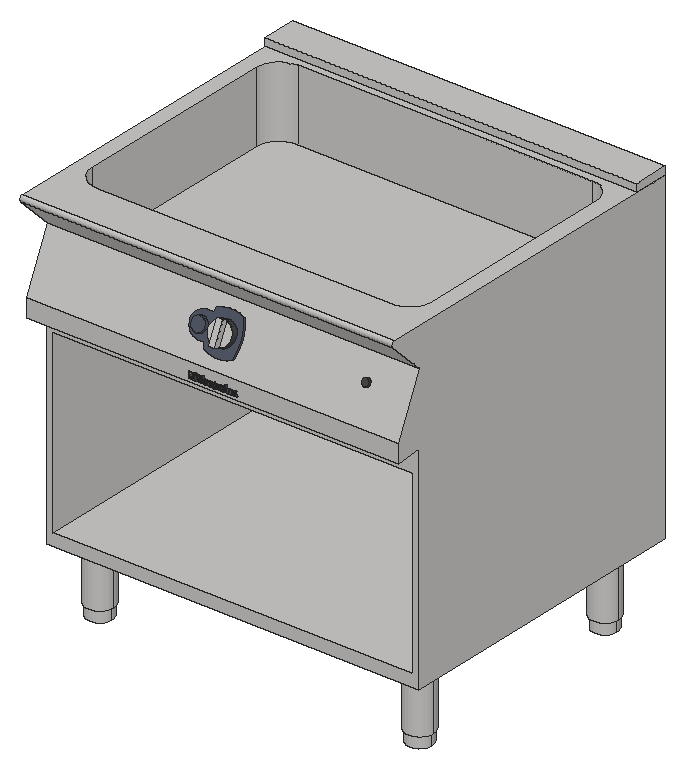
Revit family "QF_ELECTROLUXPROFESSIONAL_371106_E7MFGHDI00", category Specialty Equipment, Revit 2018
Family settings
  Round Connector Dimension = Use Diameter
  Part Type = Normal
  Work Plane-Based = No
  Always vertical = Yes
  Cut with Voids When Loaded = No
  Shared = No
  Room Calculation Point = No
Parameters
  Width = 800 mm  # constant formula
  Weight in Pounds = 176  # constant formula
  Watts = 0 W
  Waste Water Discharge Temperature [instance] = -459.67 °F
  URL Cutsheet = "www.electrolux.com/foodservice"
  URL = "www.electrolux.com/foodservice"
  Type Mark [instance] = ""
  Status [instance] = ""
  Specification by User [instance] = ""
  Specification by Manufacturer = ""
  Show Logo [instance] = yes
  Show Clearance [instance] = yes
  Serial Number = ""
  Seismic Rating = ""
  SMACNA No = ""
  Revision Code [instance] = ""
  Plumbing Remarks [instance] = ""
  Plumbing Connection Type [instance] = ""
  Omniclass Number and Title = ""
  NAFEM Spec ID Number = ""
  Model = "371106"
  Mechanical Remarks [instance] = ""
  Mechanical Connection Type [instance] = ""
  Masterspec = ""
  Manufacturer = "ELECTROLUX"
  Item Number [instance] = ""
  Installed By [instance] = ""
  Indirect Waste Size = 0"
  Indirect Waste Flow [instance] = 0 GPM
  Indirect Waste Connection Type [instance] = ""
  Indirect Waste Connection Height = 0 mm
  Identify Quantity as Lot [instance] = yes
  Height = 333 mm  # constant formula
  HP = "0 HP"
  Gas Size = 12.7 mm  # 1/2"
  Gas RI Height [instance] = 0 mm
  Gas KW [instance] = 14  # constant formula
  Gas Input [instance] = 13987.1 VA  # 47726.0 Btu/h
  Gas Connection Height = 0 mm
  Furnished By [instance] = ""
  Foodservice Equipment Identifier [instance] = yes
  Direct Waste Size = 0"
  Description = "700XP Gas Multifunctional Cooker 22 Lt. - with Compound Bottom"
  Depth = 730 mm  # constant formula
  CSI MasterFormat = ""
  CSI Master Format = ""
  Base Height [instance] = 150 mm  # constant formula
Reference planes
  plane 1 "BACK": y = 0
  plane 2: z = 0
  plane 3 "LEFT": x = 0
  plane 4 "RIGHT": x = 800
  plane 5 "FRONT": y = -730
  plane 6 "TOP": z = 905.238
  plane 7 "Center Y": x = 400
  plane 8 "Center X": y = -365
  plane 9 "BASE": z = 601
  plane 10 "TOP A": z = 850.238
  plane 11: y = -597.884
  plane 12: y = -147.637
  plane 13: z = 942.313
  plane 14: z = 150
Forms (mm)
  Extrusion 1, solid, material "QF_Finishes_Stainless Steel"
    sketch origin (0, 0, 0) x (0, 1, 0) y (0, 0, 1)
      loop
        line (0, 850.237) -> (-725.027, 850.237)
        arc (-725.027, 850.237) -> (-730.893, 846.318) -> (-729.517, 839.397) r 6.35
        line (-729.517, 839.397) -> (-657.416, 767.047) -> (-713.522, 646.19) -> (-713.522, 608.09) -> (-660.4, 613.7) -> (-660.4, 150) -> (0, 150) -> (0, 850.237)
      loop
        line (0, 867.992) -> (-75, 867.992) -> (-75, 851.837) -> (0, 851.837) -> (0, 867.992)
    from 0 to 800
  Extrusion 2, void
    sketch origin (0, 0, 850.238) x (-1, 0, 0) y (0, -1, 0)
      loop
        line (-716.662, 90.124) -> (-83.338, 90.124)
        arc (-83.338, 90.124) -> (-47.982, 104.769) -> (-33.338, 140.124) r 50
        line (-33.338, 140.124) -> (-33.338, 580.25)
        arc (-33.338, 580.25) -> (-47.982, 615.605) -> (-83.338, 630.25) r 50
        line (-83.338, 630.25) -> (-716.662, 630.25)
        arc (-716.662, 630.25) -> (-752.018, 615.605) -> (-766.662, 580.25) r 50
        line (-766.662, 580.25) -> (-766.662, 140.124)
        arc (-766.662, 140.124) -> (-752.018, 104.769) -> (-716.662, 90.124) r 50
    from 0 to -152.4
  Extrusion 3, solid, material "QF_Finishes_Clearance", visible <- "Show Clearance", detail levels coarse
    sketch origin (0, 0, 0) x (1, 0, 0) y (0, 1, 0)
      loop
        line (0, -731.377) -> (0, 0) -> (800, 0) -> (800, -731.377) -> (950.019, -731.377) -> (950.019, 150.019) -> (-150.019, 150.019) -> (-150.019, -731.377) -> (0, -731.377)
    from 0 to 905.237
  Revolve 4, solid, material "QF_Finishes_Stainless Steel"
    sketch origin (0, -587.387, 608.09) x (0, 0, 1) y (-1, 0, 0)
      loop
        line (-608.09, -56) -> (-458.09, -56) -> (-458.09, -26) -> (-583.09, -26) -> (-583.09, -29.75) -> (-608.09, -29.75) -> (-608.09, -56)
      axis (-608.09, -56) -> (-458.09, -56)
    angle from 0 to 360
  Revolve 5, solid, material "QF_Finishes_Stainless Steel"
    sketch origin (0, -90, 608.09) x (0, 0, 1) y (-1, 0, 0)
      loop
        line (-608.09, -56) -> (-458.09, -56) -> (-458.09, -26) -> (-583.09, -26) -> (-583.09, -29.75) -> (-608.09, -29.75) -> (-608.09, -56)
      axis (-608.09, -56) -> (-458.09, -56)
    angle from 0 to 360
  Revolve 6, solid, material "QF_Finishes_Stainless Steel"
    sketch origin (800.1, -587.387, 608.09) x (0, 0, 1) y (-1, 0, 0)
      loop
        line (-608.09, 56.1) -> (-608.09, 29.85) -> (-583.09, 29.85) -> (-583.09, 26.1) -> (-458.09, 26.1) -> (-458.09, 56.1) -> (-608.09, 56.1)
      axis (-608.09, 56.1) -> (-458.09, 56.1)
    angle from 0 to 360
  Revolve 7, solid, material "QF_Finishes_Stainless Steel"
    sketch origin (800.1, -90, 608.09) x (0, 0, 1) y (-1, 0, 0)
      loop
        line (-608.09, 56.1) -> (-608.09, 29.85) -> (-583.09, 29.85) -> (-583.09, 26.1) -> (-458.09, 26.1) -> (-458.09, 56.1) -> (-608.09, 56.1)
      axis (-608.09, 56.1) -> (-458.09, 56.1)
    angle from 0 to 360
  Extrusion 8, solid, material "QF_Finishes_Stainless Steel"
    sketch origin (-77.88, -4572, 601) x (-1, 0, 0) y (0, -1, 0)
      loop
        circle (-368.88, -4015) r 12.7
    from 0 to -12.7
  Extrusion 9, void
    sketch origin (0, -660.4, 601) x (0, 0, -1) y (-1, 0, 0)
      loop
        line (425.6, -12.7) -> (38.1, -12.7) -> (38.1, -787.3) -> (425.6, -787.3) -> (425.6, -12.7)
    from 0 to 570.276
  Extrusion 10, solid, material "QF_Finishes_Stainless Steel"
    sketch origin (-77.88, -4572, 150) x (-1, 0, 0) y (0, -1, 0)
      loop
        circle (-826.88, -4066) r 6.35
    from 0 to -12.7
  Extrusion 11, solid, material "QF_Finishes_Stainless Steel"
    sketch origin (0, 0, 850.238) x (-1, 0, 0) y (0, -1, 0)
      loop
        circle (-748.798, 506) r 10
    from -674.837 to -287.337
  Extrusion 12, solid, material "QF_Finishes_Black"
    sketch origin (610.668, -727.406, 616.951) x (0, 0.422618, 0.906308) y (-1, 0, 0)
      loop
        circle (110.564, -93.791) r 8
    from 0 to 3.175
  Extrusion 13, solid, material "QF_Finishes_Navy Blue"
    sketch origin (243.168, -714.125, 645.434) x (0, 0.422618, 0.906308) y (-1, 0, 0)
      loop
        arc (105.947, -132.617) -> (100.966, -130.409) -> (95.863, -128.501) r 91.844
        line (95.863, -128.501) -> (95.863, -113.213)
        arc (95.863, -113.213) -> (69.246, -86.596) -> (42.629, -113.213) r 26.617
        line (42.629, -113.213) -> (42.629, -126.69)
        arc (42.629, -126.69) -> (36.919, -128.411) -> (31.333, -130.498) r 91.844
        arc (31.333, -130.498) -> (24.206, -161.14) -> (31.333, -191.783) r 69.441
        arc (31.333, -191.783) -> (68.854, -198.494) -> (105.947, -189.715) r 93.759
        arc (105.947, -189.715) -> (112.176, -161.166) -> (105.947, -132.617) r 68.543
    from 0 to 3.175
  Extrusion 14, solid, material "QF_Finishes_Stainless Steel"
    sketch origin (243.168, -717.002, 646.775) x (0, 0.422618, 0.906308) y (-1, 0, 0)
      loop
        circle (68.826, -160.963) r 25.4
    from 0 to 12.7
  Extrusion 15, solid, material "QF_Finishes_Stainless Steel"
    sketch origin (243.168, -728.513, 652.143) x (0, 0.422618, 0.906308) y (-1, 0, 0)
      loop
        arc (93.558, -166.749) -> (94.226, -160.963) -> (93.558, -155.177) r 25.4
        line (93.558, -155.177) -> (44.094, -155.177)
        arc (44.094, -155.177) -> (43.426, -160.963) -> (44.094, -166.749) r 25.4
        line (44.094, -166.749) -> (93.558, -166.749)
    from 0 to 12.7
  Extrusion 16, solid, material "QF_Finishes_Navy Blue"
    sketch origin (198.168, -717.002, 646.775) x (0, 0.422618, 0.906308) y (-1, 0, 0)
      loop
        circle (68.826, -154.713) r 15
    from 0 to 6.4
  Extrusion 17, solid, material "QF_Finishes_Navy Blue", visible <- "Show Logo"
    sketch origin (60.791, -713.772, 608.09) x (0, 0, 1) y (-1, 0, 0)
      loop
        line (20.674, -296.698) -> (8.307, -296.698)
        arc (8.307, -296.698) -> (14.491, -301.27) -> (20.674, -296.698) r 6.467
      loop
        arc (20.674, -296.069) -> (19.505, -290.926) -> (14.849, -288.448) r 6.338
        line (14.849, -288.448) -> (14.849, -290.494)
        arc (14.849, -290.494) -> (16.333, -294.149) -> (19.778, -296.069) r 5.941
        line (19.778, -296.069) -> (20.674, -296.069)
      loop
        arc (9.203, -296.069) -> (12.648, -294.149) -> (14.132, -290.494) r 5.941
        line (14.132, -290.494) -> (14.132, -288.448)
        arc (14.132, -288.448) -> (9.438, -290.922) -> (8.148, -296.069) r 6.504
        line (8.148, -296.069) -> (9.203, -296.069)
      loop
        line (21.349, -287.979) -> (7.604, -287.979) -> (7.604, -301.742) -> (21.349, -301.742) -> (21.349, -287.979)
      loop
        arc (21.432, -304.71) -> (21.085, -304.352) -> (20.718, -304.69) r 0.358
        arc (20.718, -304.69) -> (20.404, -305.44) -> (19.687, -305.825) r 1.216
        line (19.687, -305.825) -> (9.274, -305.825)
        arc (9.274, -305.825) -> (8.614, -305.548) -> (8.218, -304.951) r 1.238
        arc (8.218, -304.951) -> (7.823, -304.7) -> (7.518, -305.054) r 0.358
        line (7.518, -305.054) -> (7.518, -314.933) -> (10.269, -314.933) -> (10.269, -314.036)
        arc (10.269, -314.036) -> (9.36, -313.456) -> (8.904, -312.479) r 1.928
        line (8.904, -312.479) -> (8.904, -309.98)
        arc (8.904, -309.98) -> (9.18, -309.251) -> (9.868, -308.887) r 1.101
        line (9.868, -308.887) -> (13.955, -308.887) -> (13.955, -312.561)
        arc (13.955, -312.561) -> (13.602, -313.058) -> (13.037, -313.286) r 1.083
        arc (13.037, -313.286) -> (12.773, -313.591) -> (13.065, -313.869) r 0.292
        line (13.065, -313.869) -> (16.028, -313.869)
        arc (16.028, -313.869) -> (16.33, -313.596) -> (16.092, -313.266) r 0.305
        arc (16.092, -313.266) -> (15.601, -313.018) -> (15.296, -312.561) r 1.083
        line (15.296, -312.561) -> (15.296, -308.887) -> (19.973, -308.887) -> (19.973, -312.635)
        arc (19.973, -312.635) -> (19.759, -313.39) -> (19.153, -313.888) r 1.314
        arc (19.153, -313.888) -> (18.934, -314.292) -> (19.288, -314.585) r 0.361
        line (19.288, -314.585) -> (21.432, -314.585) -> (21.432, -304.71)
      loop
        arc (20.715, -315.365) -> (20.335, -316.284) -> (19.416, -316.664) r 1.299
        line (19.416, -316.664) -> (9.837, -316.664)
        arc (9.837, -316.664) -> (8.999, -316.286) -> (8.728, -315.408) r 1.118
        line (8.728, -315.408) -> (7.518, -315.408) -> (7.518, -320.758) -> (8.706, -320.758)
        arc (8.706, -320.758) -> (8.978, -319.841) -> (9.848, -319.445) r 1.153
        line (9.848, -319.445) -> (21.92, -319.445) -> (20.715, -315.365)
      loop
        line (12.483, -323.394) -> (12.483, -329.842) -> (13.282, -329.842)
        arc (13.282, -329.842) -> (15.862, -328.857) -> (17.131, -326.404) r 3.874
        line (17.131, -326.404) -> (17.131, -324.643)
        arc (17.131, -324.643) -> (15.944, -321.778) -> (13.08, -320.592) r 4.051
        line (13.08, -320.592) -> (11.072, -320.592)
        arc (11.072, -320.592) -> (8.253, -322.077) -> (7.202, -325.084) r 4.352
        arc (7.202, -325.084) -> (7.566, -327.547) -> (8.943, -329.621) r 5.713
        line (8.943, -329.621) -> (9.892, -329.621)
        arc (9.892, -329.621) -> (9.16, -328.052) -> (8.943, -326.334) r 5.579
        arc (8.943, -326.334) -> (9.737, -324.371) -> (11.616, -323.394) r 3.057
        line (11.616, -323.394) -> (12.483, -323.394)
      loop
        line (13.742, -323.394) -> (13.742, -326.977)
        arc (13.742, -326.977) -> (15.199, -327.024) -> (16.082, -325.864) r 1.59
        line (16.082, -325.864) -> (16.082, -325.034)
        arc (16.082, -325.034) -> (15.217, -323.779) -> (13.742, -323.394) r 2.184
      loop
        arc (16.533, -339.259) -> (17.022, -337.585) -> (17.179, -335.848) r 9.023
        line (17.179, -335.848) -> (17.179, -334.486)
        arc (17.179, -334.486) -> (16.02, -331.686) -> (13.22, -330.527) r 3.959
        line (13.22, -330.527) -> (10.62, -330.527)
        arc (10.62, -330.527) -> (8.338, -331.819) -> (7.221, -334.192) r 4.331
        line (7.221, -334.192) -> (7.221, -336.327)
        arc (7.221, -336.327) -> (7.729, -337.877) -> (8.651, -339.223) r 5.772
        arc (8.651, -339.223) -> (9.412, -339.274) -> (9.499, -338.515) r 0.553
        arc (9.499, -338.515) -> (9.111, -337.781) -> (8.977, -336.962) r 2.573
        line (8.977, -336.962) -> (8.977, -335.447)
        arc (8.977, -335.447) -> (9.983, -333.806) -> (11.798, -333.163) r 2.884
        line (11.798, -333.163) -> (13.077, -333.163)
        arc (13.077, -333.163) -> (14.898, -333.723) -> (15.824, -335.388) r 2.554
        line (15.824, -335.388) -> (15.824, -336.441)
        arc (15.824, -336.441) -> (15.493, -337.369) -> (14.836, -338.104) r 2.564
        arc (14.836, -338.104) -> (14.614, -338.821) -> (15.223, -339.259) r 0.643
        line (15.223, -339.259) -> (16.533, -339.259)
      loop
        line (15.515, -339.53) -> (15.515, -341.031) -> (9.467, -341.031)
        arc (9.467, -341.031) -> (7.879, -341.688) -> (7.221, -343.276) r 2.246
        line (7.221, -343.276) -> (7.221, -344.86)
        arc (7.221, -344.86) -> (7.535, -345.725) -> (8.035, -346.496) r 4.06
        arc (8.035, -346.496) -> (8.768, -346.629) -> (9.019, -345.928) r 0.576
        arc (9.019, -345.928) -> (8.913, -345.403) -> (8.977, -344.87) r 1.69
        arc (8.977, -344.87) -> (9.519, -344.082) -> (10.425, -343.779) r 1.506
        line (10.425, -343.779) -> (15.563, -343.779) -> (15.563, -346.176) -> (16.119, -346.733) -> (16.941, -346.733) -> (16.941, -343.873) -> (20.172, -343.873) -> (15.515, -339.53)
      loop
        line (7.438, -347.63) -> (7.438, -353.017) -> (8.548, -353.017)
        arc (8.548, -353.017) -> (8.942, -352.066) -> (9.893, -351.672) r 1.345
        line (9.893, -351.672) -> (13.509, -351.672)
        arc (13.509, -351.672) -> (14.274, -352.264) -> (14.564, -353.186) r 1.615
        line (14.564, -353.186) -> (14.564, -354.742) -> (17.119, -355.427) -> (17.119, -354.044) -> (15.177, -351.485) -> (17.057, -351.485) -> (16.773, -348.779)
        arc (16.773, -348.779) -> (16.333, -348.249) -> (15.674, -348.45) r 0.621
        arc (15.674, -348.45) -> (15.274, -348.792) -> (14.78, -348.975) r 1.501
        line (14.78, -348.975) -> (9.893, -348.975)
        arc (9.893, -348.975) -> (8.942, -348.581) -> (8.548, -347.63) r 1.345
        line (8.548, -347.63) -> (7.438, -347.63)
      loop
        line (13.54, -354.964) -> (10.848, -354.964)
        arc (10.848, -354.964) -> (8.403, -356.272) -> (7.269, -358.803) r 4.288
        arc (7.269, -358.803) -> (7.205, -360.183) -> (7.269, -361.563) r 15.022
        arc (7.269, -361.563) -> (8.403, -364.094) -> (10.848, -365.401) r 4.288
        line (10.848, -365.401) -> (13.54, -365.401)
        arc (13.54, -365.401) -> (15.986, -364.094) -> (17.119, -361.563) r 4.288
        arc (17.119, -361.563) -> (17.183, -360.183) -> (17.119, -358.803) r 15.022
        arc (17.119, -358.803) -> (15.986, -356.272) -> (13.54, -354.964) r 4.288
      loop
        line (13.745, -358.078) -> (10.643, -358.078)
        arc (10.643, -358.078) -> (8.486, -360.235) -> (10.643, -362.392) r 2.157
        line (10.643, -362.392) -> (13.745, -362.392)
        arc (13.745, -362.392) -> (15.902, -360.235) -> (13.745, -358.078) r 2.157
      loop
        arc (20.726, -365.26) -> (20.355, -366.154) -> (19.461, -366.524) r 1.264
        line (19.461, -366.524) -> (9.597, -366.524)
        arc (9.597, -366.524) -> (8.727, -366.127) -> (8.455, -365.211) r 1.153
        line (8.455, -365.211) -> (7.518, -365.211) -> (7.518, -370.319) -> (8.446, -370.319)
        arc (8.446, -370.319) -> (8.805, -369.547) -> (9.597, -369.232) r 1.153
        line (9.597, -369.232) -> (21.92, -369.232) -> (20.726, -365.26)
      loop
        arc (15.846, -369.857) -> (15.647, -370.921) -> (14.678, -371.403) r 1.215
        line (14.678, -371.403) -> (9.658, -371.403)
        arc (9.658, -371.403) -> (8.043, -372.051) -> (7.322, -373.634) r 2.338
        line (7.322, -373.634) -> (7.322, -375.148)
        arc (7.322, -375.148) -> (7.497, -376.152) -> (7.999, -377.038) r 2.979
        line (7.999, -377.038) -> (7.518, -378.835) -> (7.518, -380.524) -> (16.943, -380.524) -> (16.649, -376.32) -> (15.863, -376.32)
        arc (15.863, -376.32) -> (15.507, -377.156) -> (14.755, -377.665) r 1.605
        line (14.755, -377.665) -> (9.652, -377.665)
        arc (9.652, -377.665) -> (9.232, -376.728) -> (9.159, -375.704) r 2.94
        arc (9.159, -375.704) -> (9.72, -374.603) -> (10.873, -374.16) r 1.724
        line (10.873, -374.16) -> (17.07, -374.16) -> (15.846, -369.857)
      loop
        line (16.874, -381.377) -> (15.202, -383.423) -> (12.028, -385.729) -> (8.572, -382.617)
        arc (8.572, -382.617) -> (8.335, -382.223) -> (8.357, -381.764) r 0.789
        line (8.357, -381.764) -> (7.518, -381.764) -> (7.518, -385.309) -> (8.344, -385.309)
        arc (8.344, -385.309) -> (8.686, -384.947) -> (9.176, -385.039) r 0.52
        line (9.176, -385.039) -> (10.976, -386.51) -> (8.858, -387.886)
        arc (8.858, -387.886) -> (8.457, -387.576) -> (8.37, -387.076) r 0.7
        line (8.37, -387.076) -> (7.518, -387.076) -> (7.518, -393.003) -> (8.405, -393.003)
        arc (8.405, -393.003) -> (8.472, -392.344) -> (8.866, -391.813) r 1.247
        line (8.866, -391.813) -> (13.066, -388.532) -> (15.513, -390.585) -> (16.874, -392.327) -> (16.874, -388.604) -> (15.389, -389.026) -> (13.868, -387.749) -> (15.568, -386.559) -> (16.874, -387.336) -> (16.874, -381.377)
    from 0 to 1.644
Cuts and joins
  Extrusion 2, Extrusion 9 cuts Extrusion 1
  Extrusion 9 cuts Extrusion 3
Lines and regions (mm)
  symbolic lines, style "QF-Clearances", visible <- "Show Clearance", detail levels coarse
    curve 1: line (-150.019, 150.019, 850.238) -> (-150.019, -731.377, 850.238)
    curve 2: line (950.019, 150.019, 850.237) -> (-150.019, 150.019, 850.238)
    curve 3: line (950.019, -731.377, 850.237) -> (950.019, 150.019, 850.237)
  symbolic lines
    curve 4: line (0, 0, 850.238) -> (800, 0, 850.237)
    curve 5: line (0, -730, 850.238) -> (0, 0, 850.238)
    curve 6: line (800, -730, 850.237) -> (0, -730, 850.238)
    curve 7: line (800, 0, 850.237) -> (800, -730, 850.237)
    curve 8: line (22.699, -6.761, 850.238) -> (22.699, -63.911, 850.238)
    curve 9: line (13.403, -63.911, 850.238) -> (13.403, -6.761, 850.238)
    curve 10: line (13.403, -6.761, 850.238) -> (22.699, -6.761, 850.238)
    curve 11: line (0, -69.85, 850.238) -> (398.413, -69.85, 850.237)
    curve 12: line (384.649, -6.761, 850.237) -> (384.649, -63.911, 850.237)
    curve 13: line (375.353, -63.911, 850.237) -> (375.353, -6.761, 850.237)
    curve 14: line (375.353, -6.761, 850.237) -> (384.649, -6.761, 850.237)
    curve 15: line (50.541, -6.761, 850.238) -> (50.541, -63.911, 850.238)
    curve 16: line (41.245, -63.911, 850.238) -> (41.245, -6.761, 850.238)
    curve 17: line (41.245, -6.761, 850.238) -> (50.541, -6.761, 850.238)
    curve 18: line (78.383, -6.761, 850.238) -> (78.383, -63.911, 850.238)
    curve 19: line (69.087, -63.911, 850.238) -> (69.087, -6.761, 850.238)
    curve 20: line (69.087, -6.761, 850.238) -> (78.383, -6.761, 850.238)
    curve 21: line (106.225, -6.761, 850.237) -> (106.225, -63.911, 850.237)
    curve 22: line (96.93, -63.911, 850.238) -> (96.93, -6.761, 850.238)
    curve 23: line (96.93, -6.761, 850.238) -> (106.225, -6.761, 850.237)
    curve 24: line (134.068, -6.761, 850.237) -> (134.068, -63.911, 850.237)
    curve 25: line (124.772, -63.911, 850.237) -> (124.772, -6.761, 850.237)
    curve 26: line (124.772, -6.761, 850.237) -> (134.068, -6.761, 850.237)
    curve 27: line (161.91, -6.761, 850.237) -> (161.91, -63.911, 850.237)
    curve 28: line (152.614, -63.911, 850.237) -> (152.614, -6.761, 850.237)
    curve 29: line (152.614, -6.761, 850.237) -> (161.91, -6.761, 850.237)
    curve 30: line (189.752, -6.761, 850.237) -> (189.752, -63.911, 850.237)
    curve 31: line (180.457, -63.911, 850.237) -> (180.457, -6.761, 850.237)
    curve 32: line (180.457, -6.761, 850.237) -> (189.752, -6.761, 850.237)
    curve 33: line (217.595, -6.761, 850.237) -> (217.595, -63.911, 850.237)
    curve 34: line (208.299, -63.911, 850.237) -> (208.299, -6.761, 850.237)
    curve 35: line (208.299, -6.761, 850.237) -> (217.595, -6.761, 850.237)
    curve 36: line (245.437, -6.761, 850.237) -> (245.437, -63.911, 850.237)
    curve 37: line (236.141, -63.911, 850.237) -> (236.141, -6.761, 850.237)
    curve 38: line (236.141, -6.761, 850.237) -> (245.437, -6.761, 850.237)
    curve 39: line (273.279, -6.761, 850.237) -> (273.279, -63.911, 850.237)
    curve 40: line (263.984, -63.911, 850.237) -> (263.984, -6.761, 850.237)
    curve 41: line (263.984, -6.761, 850.237) -> (273.279, -6.761, 850.237)
    curve 42: line (301.122, -6.761, 850.237) -> (301.122, -63.911, 850.237)
    curve 43: line (291.826, -63.911, 850.237) -> (291.826, -6.761, 850.237)
    curve 44: line (291.826, -6.761, 850.237) -> (301.122, -6.761, 850.237)
    curve 45: line (328.964, -6.761, 850.237) -> (328.964, -63.911, 850.237)
    curve 46: line (319.668, -63.911, 850.237) -> (319.668, -6.761, 850.237)
    curve 47: line (319.668, -6.761, 850.237) -> (328.964, -6.761, 850.237)
    curve 48: line (356.806, -6.761, 850.237) -> (356.806, -63.911, 850.237)
    curve 49: line (347.511, -63.911, 850.237) -> (347.511, -6.761, 850.237)
    curve 50: line (347.511, -6.761, 850.237) -> (356.806, -6.761, 850.237)
    curve 51: line (777.251, -6.761, 850.237) -> (777.251, -63.911, 850.237)
    curve 52: line (786.547, -63.911, 850.237) -> (786.547, -6.761, 850.237)
    curve 53: line (786.547, -6.761, 850.237) -> (777.251, -6.761, 850.237)
    curve 54: line (415.301, -6.761, 850.237) -> (415.301, -63.911, 850.237)
    curve 55: line (424.597, -63.911, 850.237) -> (424.597, -6.761, 850.237)
    curve 56: line (424.597, -6.761, 850.237) -> (415.301, -6.761, 850.237)
    curve 57: line (749.409, -6.761, 850.237) -> (749.409, -63.911, 850.237)
    curve 58: line (758.705, -63.911, 850.237) -> (758.705, -6.761, 850.237)
    curve 59: line (758.705, -6.761, 850.237) -> (749.409, -6.761, 850.237)
    curve 60: line (721.567, -6.761, 850.237) -> (721.567, -63.911, 850.237)
    curve 61: line (730.863, -63.911, 850.237) -> (730.863, -6.761, 850.237)
    curve 62: line (730.863, -6.761, 850.237) -> (721.567, -6.761, 850.237)
    curve 63: line (693.725, -6.761, 850.237) -> (693.725, -63.911, 850.237)
    curve 64: line (703.02, -63.911, 850.237) -> (703.02, -6.761, 850.237)
    curve 65: line (703.02, -6.761, 850.237) -> (693.725, -6.761, 850.237)
    curve 66: line (665.882, -6.761, 850.237) -> (665.882, -63.911, 850.237)
    curve 67: line (675.178, -63.911, 850.237) -> (675.178, -6.761, 850.237)
    curve 68: line (675.178, -6.761, 850.237) -> (665.882, -6.761, 850.237)
    curve 69: line (638.04, -6.761, 850.237) -> (638.04, -63.911, 850.237)
    curve 70: line (647.336, -63.911, 850.237) -> (647.336, -6.761, 850.237)
    curve 71: line (647.336, -6.761, 850.237) -> (638.04, -6.761, 850.237)
    curve 72: line (610.198, -6.761, 850.237) -> (610.198, -63.911, 850.237)
    curve 73: line (619.493, -63.911, 850.237) -> (619.493, -6.761, 850.237)
    curve 74: line (619.493, -6.761, 850.237) -> (610.198, -6.761, 850.237)
    curve 75: line (582.355, -6.761, 850.237) -> (582.355, -63.911, 850.237)
    curve 76: line (591.651, -63.911, 850.237) -> (591.651, -6.761, 850.237)
    curve 77: line (591.651, -6.761, 850.237) -> (582.355, -6.761, 850.237)
    curve 78: line (554.513, -6.761, 850.237) -> (554.513, -63.911, 850.237)
    curve 79: line (563.809, -63.911, 850.237) -> (563.809, -6.761, 850.237)
    curve 80: line (563.809, -6.761, 850.237) -> (554.513, -6.761, 850.237)
    curve 81: line (526.671, -6.761, 850.237) -> (526.671, -63.911, 850.237)
    curve 82: line (535.966, -63.911, 850.237) -> (535.966, -6.761, 850.237)
    curve 83: line (535.966, -6.761, 850.237) -> (526.671, -6.761, 850.237)
    curve 84: line (498.828, -6.761, 850.237) -> (498.828, -63.911, 850.237)
    curve 85: line (508.124, -63.911, 850.237) -> (508.124, -6.761, 850.237)
    curve 86: line (508.124, -6.761, 850.237) -> (498.828, -6.761, 850.237)
    curve 87: line (470.986, -6.761, 850.237) -> (470.986, -63.911, 850.237)
    curve 88: line (480.282, -63.911, 850.237) -> (480.282, -6.761, 850.237)
    curve 89: line (480.282, -6.761, 850.237) -> (470.986, -6.761, 850.237)
    curve 90: line (443.144, -6.761, 850.237) -> (443.144, -63.911, 850.237)
    curve 91: line (452.439, -63.911, 850.237) -> (452.439, -6.761, 850.237)
    curve 92: line (452.439, -6.761, 850.237) -> (443.144, -6.761, 850.237)
    curve 93: line (401.588, -69.85, 850.237) -> (401.588, 0, 850.237)
    curve 94: line (398.413, 0, 850.237) -> (398.413, -69.85, 850.237)
    curve 95: line (401.588, -69.85, 850.237) -> (800, -69.85, 850.237)
    curve 96: line (13.453, -63.911, 0) -> (22.749, -63.911, 0)
    curve 97: line (375.403, -63.911, 0) -> (384.699, -63.911, 0)
    curve 98: line (41.295, -63.911, 0) -> (50.591, -63.911, 0)
    curve 99: line (69.137, -63.911, 0) -> (78.433, -63.911, 0)
    curve 100: line (96.98, -63.911, 0) -> (106.275, -63.911, 0)
    curve 101: line (124.822, -63.911, 0) -> (134.118, -63.911, 0)
    curve 102: line (152.664, -63.911, 0) -> (161.96, -63.911, 0)
    curve 103: line (180.507, -63.911, 0) -> (189.802, -63.911, 0)
    curve 104: line (208.349, -63.911, 0) -> (217.645, -63.911, 0)
    curve 105: line (236.191, -63.911, 0) -> (245.487, -63.911, 0)
    curve 106: line (264.034, -63.911, 0) -> (273.329, -63.911, 0)
    curve 107: line (291.876, -63.911, 0) -> (301.172, -63.911, 0)
    curve 108: line (319.718, -63.911, 0) -> (329.014, -63.911, 0)
    curve 109: line (347.561, -63.911, 0) -> (356.856, -63.911, 0)
    curve 110: line (786.597, -63.911, 0) -> (777.301, -63.911, 0)
    curve 111: line (424.647, -63.911, 0) -> (415.351, -63.911, 0)
    curve 112: line (758.755, -63.911, 0) -> (749.459, -63.911, 0)
    curve 113: line (730.913, -63.911, 0) -> (721.617, -63.911, 0)
    curve 114: line (703.07, -63.911, 0) -> (693.775, -63.911, 0)
    curve 115: line (675.228, -63.911, 0) -> (665.932, -63.911, 0)
    curve 116: line (647.386, -63.911, 0) -> (638.09, -63.911, 0)
    curve 117: line (619.543, -63.911, 0) -> (610.248, -63.911, 0)
    curve 118: line (591.701, -63.911, 0) -> (582.405, -63.911, 0)
    curve 119: line (563.859, -63.911, 0) -> (554.563, -63.911, 0)
    curve 120: line (536.016, -63.911, 0) -> (526.721, -63.911, 0)
    curve 121: line (508.174, -63.911, 0) -> (498.878, -63.911, 0)
    curve 122: line (480.332, -63.911, 0) -> (471.036, -63.911, 0)
    curve 123: line (452.489, -63.911, 0) -> (443.194, -63.911, 0)
    curve 124: line (716.662, -90.124, 850.237) -> (83.288, -90.124, 850.238)
    curve 125: arc (83.288, -90.124, 850.238) -> (47.968, -104.754, 850.238) -> (33.338, -140.074, 850.238) r 49.95
    curve 126: line (33.338, -140.074, 850.238) -> (33.338, -580.25, 850.238)
    curve 127: arc (33.338, -580.25, 850.238) -> (47.982, -615.605, 850.238) -> (83.338, -630.25, 850.238) r 50
    curve 128: line (83.338, -630.25, 850.238) -> (716.662, -630.25, 850.237)
    curve 129: arc (716.662, -90.124, 850.237) -> (752.018, -104.769, 850.237) -> (766.662, -140.124, 850.237) r 50
    curve 130: line (766.662, -140.124, 850.237) -> (766.662, -580.25, 850.237)
    curve 131: arc (766.662, -580.25, 850.237) -> (752.018, -615.605, 850.237) -> (716.662, -630.25, 850.237) r 50
Dimensions and locks
  equal spacing: plane 3 "LEFT", plane 7 "Center Y", plane 4 "RIGHT"
  "Width": plane 3 "LEFT" to plane 4 "RIGHT"
  equal spacing: plane 5 "FRONT", plane 8 "Center X", plane 1 "BACK"
  "Depth": plane 5 "FRONT" to plane 1 "BACK"
  plane 1 "BACK" to plane 5 "FRONT" = 730 mm
  locked: plane 10 "TOP A" to plane 9 "BASE" at 249.238
  plane 6 "TOP" to plane 10 "TOP A" = 55 mm
  plane 13 to plane 6 "TOP" = 37.075 mm
  "Base Height": plane 14 to level
  plane 10 "TOP A" to plane 14 = 700.237 mm
  plane 3 "LEFT" to Extrusion 8 sketch curve = 291 mm
  Extrusion 8 sketch curve to plane 1 "BACK" = 557 mm
  Extrusion 10 sketch curve to plane 4 "RIGHT" = 51 mm
  Extrusion 10 sketch curve to plane 1 "BACK" = 506 mm
  aligned and locked: level to plane 2
  aligned and locked: plane 4 "RIGHT" to Extrusion 1
  aligned and locked: plane 6 "TOP" to Extrusion 3
Automatic sketch dimensions
  plane 3 "LEFT" to curve 96 = 13.453 mm
  curve 96 to curve 96 = 9.296 mm
  curve 96 to curve 98 = 18.547 mm
  curve 98 to curve 98 = 9.296 mm
  curve 98 to curve 99 = 18.547 mm
  curve 99 to curve 99 = 9.296 mm
  curve 99 to curve 100 = 18.547 mm
  curve 100 to curve 100 = 9.296 mm
  curve 100 to curve 101 = 18.547 mm
  curve 101 to curve 101 = 9.296 mm
  curve 101 to curve 102 = 18.547 mm
  curve 102 to curve 102 = 9.296 mm
  curve 102 to curve 103 = 18.547 mm
  curve 103 to curve 103 = 9.296 mm
  curve 103 to curve 104 = 18.547 mm
  curve 104 to curve 104 = 9.296 mm
  curve 104 to curve 105 = 18.547 mm
  curve 105 to curve 105 = 9.296 mm
  curve 105 to curve 106 = 18.547 mm
  curve 106 to curve 106 = 9.296 mm
  curve 106 to curve 107 = 18.547 mm
  curve 107 to curve 107 = 9.296 mm
  curve 107 to curve 108 = 18.547 mm
  curve 108 to curve 108 = 9.296 mm
  curve 108 to curve 109 = 18.547 mm
  curve 109 to curve 109 = 9.296 mm
  curve 109 to curve 97 = 18.547 mm
  curve 97 to curve 97 = 9.296 mm
  plane 7 "Center Y" to curve 111 = 15.351 mm
  curve 111 to curve 111 = 9.296 mm
  curve 111 to curve 123 = 18.547 mm
  curve 123 to curve 123 = 9.296 mm
  curve 123 to curve 122 = 18.547 mm
  curve 122 to curve 122 = 9.296 mm
  curve 122 to curve 121 = 18.547 mm
  curve 121 to curve 121 = 9.296 mm
  curve 121 to curve 120 = 18.547 mm
  curve 120 to curve 120 = 9.296 mm
  curve 120 to curve 119 = 18.547 mm
  curve 119 to curve 119 = 9.296 mm
  curve 119 to curve 118 = 18.547 mm
  curve 118 to curve 118 = 9.296 mm
  curve 118 to curve 117 = 18.547 mm
  curve 117 to curve 117 = 9.296 mm
  curve 117 to curve 116 = 18.547 mm
  curve 116 to curve 116 = 9.296 mm
  curve 116 to curve 115 = 18.547 mm
  curve 115 to curve 115 = 9.296 mm
  curve 115 to curve 114 = 18.547 mm
  curve 114 to curve 114 = 9.296 mm
  curve 114 to curve 113 = 18.547 mm
  curve 113 to curve 113 = 9.296 mm
  curve 113 to curve 112 = 18.547 mm
  curve 112 to curve 112 = 9.296 mm
  curve 112 to curve 110 = 18.547 mm
  curve 110 to curve 110 = 9.296 mm
  plane 1 "BACK" to curve 96 = 63.911 mm
  plane 1 "BACK" to curve 97 = 63.911 mm
  curve 96 to curve 98 = 0 mm
  curve 98 to curve 99 = 0 mm
  curve 99 to curve 100 = 0 mm
  curve 100 to curve 101 = 0 mm
  curve 101 to curve 102 = 0 mm
  curve 102 to curve 103 = 0 mm
  curve 103 to curve 104 = 0 mm
  curve 104 to curve 105 = 0 mm
  curve 105 to curve 106 = 0 mm
  curve 106 to curve 107 = 0 mm
  curve 107 to curve 108 = 0 mm
  curve 108 to curve 109 = 0 mm
  plane 1 "BACK" to curve 110 = 63.911 mm
  curve 97 to curve 111 = 0 mm
  curve 112 to curve 110 = 0 mm
  curve 113 to curve 112 = 0 mm
  curve 114 to curve 113 = 0 mm
  curve 115 to curve 114 = 0 mm
  curve 116 to curve 115 = 0 mm
  curve 117 to curve 116 = 0 mm
  curve 118 to curve 117 = 0 mm
  curve 119 to curve 118 = 0 mm
  curve 120 to curve 119 = 0 mm
  curve 121 to curve 120 = 0 mm
  curve 122 to curve 121 = 0 mm
  curve 123 to curve 122 = 0 mm
  Extrusion 1 sketch curve to plane 10 "TOP A" = 0 mm
  Extrusion 1 sketch curve to plane 14 = 0 mm
  Extrusion 1 sketch curve to plane 1 "BACK" = 0 mm  (x2)
  plane 10 "TOP A" to Extrusion 1 sketch curve = 1.6 mm
  Extrusion 1 sketch curve to plane 12 = 72.638 mm
  plane 11 to Extrusion 1 sketch curve = 59.531 mm
  plane 9 "BASE" to Extrusion 1 sketch curve = 12.7 mm
  plane 11 to Extrusion 1 sketch curve = 62.516 mm
  plane 9 "BASE" to Extrusion 1 sketch curve = 7.09 mm
  Extrusion 1 sketch curve to plane 5 "FRONT" = 16.478 mm
  Extrusion 1 sketch curve to plane 5 "FRONT" = 4.973 mm
  Extrusion 1 sketch curve to plane 5 "FRONT" = 0.483 mm
  Extrusion 1 sketch curve to Extrusion 1 sketch curve = 38.1 mm
  Extrusion 1 sketch curve to plane 10 "TOP A" = 83.191 mm
  Extrusion 1 sketch curve to plane 10 "TOP A" = 10.84 mm
  Extrusion 1 sketch curve to Extrusion 1 sketch curve = 16.155 mm
  Extrusion 2 sketch curve to plane 4 "RIGHT" = 33.338 mm
  Extrusion 2 sketch curve to plane 11 = 17.634 mm  (x2)
  Extrusion 2 sketch curve to Extrusion 2 sketch curve = 50 mm  (x2)
  Extrusion 2 sketch curve to plane 12 = 57.513 mm
  plane 3 "LEFT" to Extrusion 2 sketch curve = 83.338 mm  (x2)
  plane 1 "BACK" to Extrusion 3 sketch curve = 0 mm
  Extrusion 3 sketch curve to plane 3 "LEFT" = 0 mm
  Extrusion 3 sketch curve to plane 4 "RIGHT" = 0 mm
  Extrusion 3 sketch curve to plane 3 "LEFT" = 150.019 mm
  plane 5 "FRONT" to Extrusion 3 sketch curve = 1.377 mm  (x2)
  plane 4 "RIGHT" to Extrusion 3 sketch curve = 150.019 mm
  Extrusion 3 sketch curve to plane 1 "BACK" = 150.019 mm
  curve 95 to plane 4 "RIGHT" = 0 mm
  plane 1 "BACK" to curve 93 = 0 mm
  curve 6 to plane 3 "LEFT" = 0 mm
  plane 5 "FRONT" to curve 6 = 0 mm
  plane 4 "RIGHT" to curve 3 = 150.019 mm
  curve 52 to plane 4 "RIGHT" = 13.453 mm
  curve 130 to plane 12 = 7.513 mm
  curve 130 to plane 4 "RIGHT" = 33.338 mm
  curve 58 to curve 57 = 9.296 mm
  plane 1 "BACK" to curve 61 = 6.761 mm
  curve 57 to curve 61 = 18.547 mm
  curve 61 to curve 60 = 9.296 mm
  curve 129 to curve 129 = 50 mm
  plane 11 to curve 128 = 32.366 mm
  curve 130 to curve 128 = 50 mm
  plane 1 "BACK" to curve 65 = 6.761 mm
  curve 60 to curve 65 = 18.547 mm
  curve 64 to curve 65 = 9.296 mm
  plane 1 "BACK" to curve 67 = 6.761 mm
  curve 63 to curve 67 = 18.547 mm
  curve 67 to curve 66 = 9.296 mm
  plane 1 "BACK" to curve 70 = 6.761 mm
  curve 66 to curve 70 = 18.547 mm
  curve 70 to curve 69 = 9.296 mm
  plane 1 "BACK" to curve 73 = 6.761 mm
  curve 69 to curve 73 = 18.547 mm
  curve 73 to curve 72 = 9.296 mm
  plane 1 "BACK" to curve 76 = 6.761 mm
  curve 72 to curve 76 = 18.547 mm
  curve 76 to curve 75 = 9.296 mm
  plane 1 "BACK" to curve 80 = 6.761 mm
  curve 75 to curve 80 = 18.547 mm
  curve 79 to curve 78 = 9.296 mm
  curve 78 to curve 82 = 18.547 mm
  curve 82 to curve 81 = 9.296 mm
  curve 81 to curve 85 = 18.547 mm
  curve 85 to curve 84 = 9.296 mm
  curve 84 to curve 88 = 18.547 mm
  curve 88 to curve 87 = 9.296 mm
  curve 87 to curve 91 = 18.547 mm
  curve 91 to curve 90 = 9.296 mm
  plane 1 "BACK" to curve 56 = 6.761 mm
  curve 90 to curve 56 = 18.547 mm
  curve 55 to curve 56 = 9.296 mm
  plane 7 "Center Y" to curve 93 = 1.588 mm
  curve 94 to plane 7 "Center Y" = 1.587 mm
  curve 11 to curve 12 = 13.764 mm
  curve 12 to curve 13 = 9.296 mm
  curve 13 to curve 48 = 18.547 mm
  curve 48 to curve 49 = 9.296 mm
  plane 1 "BACK" to curve 45 = 6.761 mm
  curve 49 to curve 45 = 18.547 mm
  curve 45 to curve 46 = 9.296 mm
  curve 46 to curve 42 = 18.547 mm
  curve 42 to curve 43 = 9.296 mm
  plane 1 "BACK" to curve 39 = 6.761 mm
  curve 43 to curve 39 = 18.547 mm
  curve 39 to curve 40 = 9.296 mm
  plane 1 "BACK" to curve 36 = 6.761 mm
  curve 40 to curve 36 = 18.547 mm
  curve 36 to curve 38 = 9.296 mm
  curve 37 to curve 33 = 18.547 mm
  curve 33 to curve 34 = 9.296 mm
  plane 1 "BACK" to curve 30 = 6.761 mm
  curve 34 to curve 30 = 18.547 mm
  curve 30 to curve 32 = 9.296 mm
  curve 31 to curve 27 = 18.547 mm
  curve 27 to curve 29 = 9.296 mm
  plane 1 "BACK" to curve 26 = 6.761 mm
  curve 28 to curve 26 = 18.547 mm
  curve 24 to curve 26 = 9.296 mm
  plane 1 "BACK" to curve 23 = 6.761 mm
  curve 25 to curve 23 = 18.547 mm
  curve 21 to curve 22 = 9.296 mm
  curve 22 to curve 125 = 13.642 mm
  curve 127 to plane 11 = 17.634 mm
  plane 3 "LEFT" to curve 127 = 83.338 mm
  plane 1 "BACK" to curve 20 = 6.761 mm
  curve 22 to curve 20 = 18.547 mm
  curve 18 to curve 20 = 9.296 mm
  curve 19 to curve 15 = 18.547 mm
  curve 15 to curve 16 = 9.296 mm
  curve 16 to curve 8 = 18.547 mm
  curve 8 to curve 9 = 9.296 mm
  plane 5 "FRONT" to curve 1 = 1.377 mm
  curve 1 to plane 3 "LEFT" = 150.019 mm
  curve 1 to plane 1 "BACK" = 150.019 mm
  plane 1 "BACK" to curve 91 = 6.761 mm
  plane 1 "BACK" to curve 8 = 6.761 mm
  plane 1 "BACK" to curve 89 = 6.761 mm
  plane 1 "BACK" to curve 12 = 6.761 mm
  plane 1 "BACK" to curve 86 = 6.761 mm
  plane 1 "BACK" to curve 15 = 6.761 mm
  plane 1 "BACK" to curve 83 = 6.761 mm
  plane 1 "BACK" to curve 27 = 6.761 mm
  plane 1 "BACK" to curve 33 = 6.761 mm
  plane 1 "BACK" to curve 42 = 6.761 mm
  plane 1 "BACK" to curve 48 = 6.761 mm
  plane 1 "BACK" to curve 51 = 6.761 mm
  plane 1 "BACK" to curve 57 = 6.761 mm
  curve 60 to curve 129 = 26.213 mm
  curve 55 to curve 55 = 57.15 mm
  curve 63 to curve 60 = 0 mm
  curve 63 to curve 64 = 0 mm
  curve 54 to curve 55 = 0 mm
  curve 66 to curve 63 = 0 mm
  curve 66 to curve 67 = 0 mm
  curve 49 to curve 49 = 57.15 mm
  curve 49 to curve 48 = 0 mm
  curve 46 to curve 49 = 0 mm
  curve 69 to curve 66 = 0 mm
  curve 69 to curve 70 = 0 mm
  curve 46 to curve 45 = 0 mm
  curve 43 to curve 46 = 0 mm
  curve 43 to curve 42 = 0 mm
  curve 40 to curve 43 = 0 mm
  curve 72 to curve 69 = 0 mm
  curve 72 to curve 73 = 0 mm
  curve 40 to curve 39 = 0 mm
  curve 37 to curve 40 = 0 mm
  curve 37 to curve 36 = 0 mm
  curve 34 to curve 37 = 0 mm
  curve 75 to curve 72 = 0 mm
  curve 75 to curve 76 = 0 mm
  curve 34 to curve 33 = 0 mm
  curve 31 to curve 34 = 0 mm
  curve 31 to curve 30 = 0 mm
  curve 28 to curve 31 = 0 mm
  curve 78 to curve 75 = 0 mm
  curve 78 to curve 79 = 0 mm
  curve 28 to curve 27 = 0 mm
  curve 25 to curve 28 = 0 mm
  curve 25 to curve 24 = 0 mm
  curve 22 to curve 25 = 0 mm
  curve 81 to curve 78 = 0 mm
  curve 81 to curve 82 = 0 mm
  curve 22 to curve 21 = 0 mm
  curve 19 to curve 22 = 0 mm
  curve 19 to curve 18 = 0 mm
  curve 16 to curve 19 = 0 mm
  curve 84 to curve 81 = 0 mm
  curve 84 to curve 85 = 0 mm
  curve 16 to curve 15 = 0 mm
  curve 48 to curve 13 = 0 mm
  curve 13 to curve 12 = 0 mm
  curve 55 to curve 91 = 0 mm
  curve 91 to curve 87 = 0 mm
  curve 87 to curve 88 = 0 mm
  curve 90 to curve 91 = 0 mm
  curve 9 to curve 16 = 0 mm
  curve 9 to curve 8 = 0 mm
  curve 12 to curve 94 = 5.939 mm
  curve 52 to curve 95 = 5.939 mm
  plane 5 "FRONT" to curve 3 = 1.377 mm
  Revolve 4 sketch curve to level = 0 mm
  Revolve 4 sketch curve to plane 14 = 0 mm  (x2)
  level to Revolve 4 sketch curve = 25 mm
  Revolve 4 sketch curve to Revolve 4 sketch curve = 20 mm
  plane 3 "LEFT" to Revolve 4 sketch curve = 56 mm
  Revolve 4 sketch curve to Revolve 4 sketch curve = 0 mm
  plane 3 "LEFT" to Revolve 4 sketch curve = 29.75 mm
  plane 3 "LEFT" to Revolve 4 sketch curve = 26 mm
  Revolve 5 sketch curve to level = 0 mm
  Revolve 5 sketch curve to plane 14 = 0 mm  (x2)
  level to Revolve 5 sketch curve = 25 mm
  Revolve 5 sketch curve to Revolve 5 sketch curve = 20 mm
  plane 3 "LEFT" to Revolve 5 sketch curve = 56 mm
  Revolve 5 sketch curve to Revolve 5 sketch curve = 0 mm
  plane 3 "LEFT" to Revolve 5 sketch curve = 29.75 mm
  plane 3 "LEFT" to Revolve 5 sketch curve = 26 mm
  Revolve 6 sketch curve to level = 0 mm
  Revolve 6 sketch curve to plane 14 = 0 mm  (x2)
  level to Revolve 6 sketch curve = 25 mm
  Revolve 6 sketch curve to Revolve 6 sketch curve = 20 mm
  Revolve 6 sketch curve to plane 4 "RIGHT" = 26 mm
  Revolve 6 sketch curve to Revolve 6 sketch curve = 3.75 mm
  Revolve 6 sketch curve to Revolve 6 sketch curve = 30 mm
  Revolve 6 sketch curve to Revolve 6 sketch curve = 0 mm
  Revolve 7 sketch curve to level = 0 mm
  Revolve 7 sketch curve to plane 14 = 0 mm  (x2)
  level to Revolve 7 sketch curve = 25 mm
  Revolve 7 sketch curve to Revolve 7 sketch curve = 20 mm
  Revolve 7 sketch curve to plane 4 "RIGHT" = 26 mm
  Revolve 7 sketch curve to Revolve 7 sketch curve = 3.75 mm
  Revolve 7 sketch curve to Revolve 7 sketch curve = 30 mm
  Revolve 7 sketch curve to Revolve 7 sketch curve = 0 mm
  Extrusion 9 sketch curve to Extrusion 1 = 12.7 mm  (x2)
  Extrusion 9 sketch curve to Extrusion 1 = 50.8 mm
  Extrusion 1 to Extrusion 9 sketch curve = 25.4 mm
  Extrusion 11 sketch curve to plane 4 "RIGHT" = 51.202 mm
  Extrusion 11 sketch curve to plane 11 = 91.884 mm
  plane 7 "Center Y" to Extrusion 12 sketch curve = 304.459 mm
  Extrusion 13 sketch curve to Extrusion 13 sketch curve = 0 mm  (x3)
  plane 7 "Center Y" to Extrusion 13 sketch curve = 34.95 mm
  Extrusion 13 sketch curve to Extrusion 13 sketch curve = 11.296 mm
  Extrusion 13 sketch curve to Extrusion 13 sketch curve = 12.3 mm  (x2)
  Extrusion 13 sketch curve to Extrusion 13 sketch curve = 23.629 mm
  Extrusion 13 sketch curve to Extrusion 13 sketch curve = 34.925 mm
  Extrusion 13 sketch curve to Extrusion 13 sketch curve = 2.988 mm
  Extrusion 13 sketch curve to Extrusion 13 sketch curve = 2.215 mm
  Extrusion 13 sketch curve to Extrusion 13 sketch curve = 10.084 mm
  Extrusion 13 sketch curve to Extrusion 13 sketch curve = 23.66 mm
  Extrusion 13 sketch curve to Extrusion 13 sketch curve = 25.727 mm
  Extrusion 13 sketch curve to Extrusion 13 sketch curve = 30.616 mm
  Extrusion 13 sketch curve to Extrusion 13 sketch curve = 28.523 mm
  Extrusion 13 sketch curve to Extrusion 13 sketch curve = 13.477 mm
  Extrusion 14 sketch curve to Extrusion 13 = 26.197 mm
  Extrusion 15 sketch curve to Extrusion 15 sketch curve = 24.732 mm
  Extrusion 15 sketch curve to Extrusion 15 sketch curve = 0 mm
  Extrusion 16 sketch curve to Extrusion 13 = 26.197 mm
  curve 52 to curve 51 = 9.296 mm
  curve 51 to curve 58 = 18.547 mm
  curve 60 to curve 61 = 0 mm
  curve 61 to curve 58 = 0 mm
  curve 57 to curve 58 = 0 mm
  curve 58 to curve 52 = 0 mm
  curve 51 to curve 52 = 0 mm
  plane 9 "BASE" to Extrusion 17 sketch curve = 9.251 mm
  plane 9 "BASE" to Extrusion 17 sketch curve = 14.292 mm
  plane 7 "Center Y" to Extrusion 17 sketch curve = 5.651 mm
  plane 9 "BASE" to Extrusion 17 sketch curve = 14.311 mm
  Extrusion 17 sketch curve to Extrusion 17 sketch curve = 0 mm  (x28)
  Extrusion 17 sketch curve to Extrusion 17 sketch curve = 5.108 mm  (x2)
  Extrusion 17 sketch curve to Extrusion 17 sketch curve = 0.054 mm
  Extrusion 17 sketch curve to Extrusion 17 sketch curve = 0.218 mm
  Extrusion 17 sketch curve to Extrusion 17 sketch curve = 0.195 mm
  Extrusion 17 sketch curve to Extrusion 17 sketch curve = 0.249 mm
  plane 9 "BASE" to Extrusion 17 sketch curve = 14.608 mm
  Extrusion 17 sketch curve to Extrusion 17 sketch curve = 0.087 mm
  Extrusion 17 sketch curve to Extrusion 17 sketch curve = 0.358 mm
  Extrusion 17 sketch curve to Extrusion 17 sketch curve = 0.481 mm
  Extrusion 17 sketch curve to Extrusion 17 sketch curve = 0.597 mm
  Extrusion 17 sketch curve to Extrusion 17 sketch curve = 0.544 mm
  Extrusion 17 sketch curve to Extrusion 17 sketch curve = 0.936 mm
  Extrusion 17 sketch curve to Extrusion 17 sketch curve = 0.594 mm
  Extrusion 17 sketch curve to Extrusion 17 sketch curve = 0.343 mm
  Extrusion 17 sketch curve to Extrusion 17 sketch curve = 0.159 mm
  Extrusion 17 sketch curve to Extrusion 17 sketch curve = 0.826 mm
  Extrusion 17 sketch curve to Extrusion 17 sketch curve = 0.839 mm
  Extrusion 17 sketch curve to Extrusion 17 sketch curve = 0.852 mm
  Extrusion 17 sketch curve to Extrusion 17 sketch curve = 0.887 mm
  Extrusion 17 sketch curve to Extrusion 17 sketch curve = 0.928 mm
  Extrusion 17 sketch curve to Extrusion 17 sketch curve = 0.938 mm
  Extrusion 17 sketch curve to Extrusion 17 sketch curve = 0.444 mm
  Extrusion 17 sketch curve to Extrusion 17 sketch curve = 1.11 mm  (x3)
  Extrusion 17 sketch curve to Extrusion 17 sketch curve = 0.215 mm
  plane 7 "Center Y" to Extrusion 17 sketch curve = 0.014 mm
  Extrusion 17 sketch curve to Extrusion 17 sketch curve = 1.43 mm
  Extrusion 17 sketch curve to Extrusion 17 sketch curve = 1.188 mm
  Extrusion 17 sketch curve to Extrusion 17 sketch curve = 1.21 mm  (x2)
  Extrusion 17 sketch curve to Extrusion 17 sketch curve = 0.503 mm
  Extrusion 17 sketch curve to Extrusion 17 sketch curve = 0.488 mm
  Extrusion 17 sketch curve to Extrusion 17 sketch curve = 0.462 mm
  Extrusion 17 sketch curve to Extrusion 17 sketch curve = 1.386 mm
  Extrusion 17 sketch curve to Extrusion 17 sketch curve = 1.742 mm  (x2)
  Extrusion 17 sketch curve to Extrusion 17 sketch curve = 0.821 mm
  Extrusion 17 sketch curve to Extrusion 17 sketch curve = 0.497 mm
  Extrusion 17 sketch curve to Extrusion 17 sketch curve = 0.539 mm
  Extrusion 17 sketch curve to Extrusion 17 sketch curve = 0.686 mm
  Extrusion 17 sketch curve to plane 7 "Center Y" = 0.36 mm
  Extrusion 17 sketch curve to Extrusion 17 sketch curve = 0.408 mm
  Extrusion 17 sketch curve to Extrusion 17 sketch curve = 0.743 mm
  Extrusion 17 sketch curve to Extrusion 17 sketch curve = 1.16 mm
  Extrusion 17 sketch curve to Extrusion 17 sketch curve = 0.329 mm
  Extrusion 17 sketch curve to Extrusion 17 sketch curve = 1.054 mm
  Extrusion 17 sketch curve to Extrusion 17 sketch curve = 1.056 mm
  Extrusion 17 sketch curve to Extrusion 17 sketch curve = 0.129 mm
  Extrusion 17 sketch curve to Extrusion 17 sketch curve = 0.489 mm
  Extrusion 17 sketch curve to Extrusion 17 sketch curve = 0.441 mm
  Extrusion 17 sketch curve to Extrusion 17 sketch curve = 1.151 mm
  Extrusion 17 sketch curve to Extrusion 17 sketch curve = 1.141 mm  (x2)
  Extrusion 17 sketch curve to Extrusion 17 sketch curve = 0.768 mm
  Extrusion 17 sketch curve to Extrusion 17 sketch curve = 1.653 mm
  Extrusion 17 sketch curve to Extrusion 17 sketch curve = 0.499 mm
  Extrusion 17 sketch curve to Extrusion 17 sketch curve = 0.964 mm
  Extrusion 17 sketch curve to Extrusion 17 sketch curve = 0.949 mm
  Extrusion 17 sketch curve to Extrusion 17 sketch curve = 1.345 mm  (x2)
  Extrusion 17 sketch curve to Extrusion 17 sketch curve = 0.137 mm  (x2)
  Extrusion 17 sketch curve to Extrusion 17 sketch curve = 0.432 mm
  Extrusion 17 sketch curve to Extrusion 17 sketch curve = 1.142 mm
  Extrusion 17 sketch curve to Extrusion 17 sketch curve = 0.959 mm
  Extrusion 17 sketch curve to Extrusion 17 sketch curve = 0.176 mm
  Extrusion 17 sketch curve to Extrusion 17 sketch curve = 0.728 mm
  Extrusion 17 sketch curve to Extrusion 17 sketch curve = 3.375 mm  (x2)
  Extrusion 17 sketch curve to Extrusion 17 sketch curve = 1.905 mm
  Extrusion 17 sketch curve to Extrusion 17 sketch curve = 0.955 mm
  Extrusion 17 sketch curve to Extrusion 17 sketch curve = 1.251 mm
  Extrusion 17 sketch curve to Extrusion 17 sketch curve = 0.572 mm
  Extrusion 17 sketch curve to Extrusion 17 sketch curve = 1.92 mm
  Extrusion 17 sketch curve to Extrusion 17 sketch curve = 1.224 mm
  Extrusion 17 sketch curve to Extrusion 17 sketch curve = 0.745 mm
  Extrusion 17 sketch curve to Extrusion 17 sketch curve = 0.036 mm
  Extrusion 17 sketch curve to Extrusion 17 sketch curve = 0.896 mm  (x3)
  Extrusion 17 sketch curve to Extrusion 17 sketch curve = 2.607 mm
  Extrusion 17 sketch curve to Extrusion 17 sketch curve = 0.066 mm
  Extrusion 17 sketch curve to Extrusion 17 sketch curve = 0.248 mm
  Extrusion 17 sketch curve to Extrusion 17 sketch curve = 0.449 mm
  Extrusion 17 sketch curve to Extrusion 17 sketch curve = 1.052 mm
  Extrusion 17 sketch curve to Extrusion 17 sketch curve = 1.863 mm
  Extrusion 17 sketch curve to Extrusion 17 sketch curve = 1.31 mm  (x2)
  Extrusion 17 sketch curve to Extrusion 17 sketch curve = 0.901 mm
  Extrusion 17 sketch curve to Extrusion 17 sketch curve = 1.107 mm
  Extrusion 17 sketch curve to Extrusion 17 sketch curve = 2.122 mm
  Extrusion 17 sketch curve to Extrusion 17 sketch curve = 2.101 mm
  Extrusion 17 sketch curve to Extrusion 17 sketch curve = 0.106 mm
  Extrusion 17 sketch curve to Extrusion 17 sketch curve = 0.029 mm
  Extrusion 17 sketch curve to Extrusion 17 sketch curve = 2.09 mm
  Extrusion 17 sketch curve to Extrusion 17 sketch curve = 1.279 mm
  Extrusion 17 sketch curve to Extrusion 17 sketch curve = 2.008 mm
  Extrusion 17 sketch curve to Extrusion 17 sketch curve = 0.738 mm
  Extrusion 17 sketch curve to Extrusion 17 sketch curve = 0.382 mm
  Extrusion 17 sketch curve to Extrusion 17 sketch curve = 0.384 mm
  Extrusion 17 sketch curve to Extrusion 17 sketch curve = 0.002 mm
  Extrusion 17 sketch curve to Extrusion 17 sketch curve = 0.561 mm
  Extrusion 17 sketch curve to Extrusion 17 sketch curve = 0.592 mm
  Extrusion 17 sketch curve to Extrusion 17 sketch curve = 2.692 mm
  Extrusion 17 sketch curve to Extrusion 17 sketch curve = 1.259 mm
  Extrusion 17 sketch curve to Extrusion 17 sketch curve = 0.802 mm
  Extrusion 17 sketch curve to Extrusion 17 sketch curve = 1.024 mm
  Extrusion 17 sketch curve to Extrusion 17 sketch curve = 0.682 mm
  Extrusion 17 sketch curve to Extrusion 17 sketch curve = 5.934 mm
  Extrusion 17 sketch curve to Extrusion 17 sketch curve = 2.186 mm
  Extrusion 17 sketch curve to Extrusion 17 sketch curve = 0.337 mm
  Extrusion 17 sketch curve to Extrusion 17 sketch curve = 0.021 mm
  Extrusion 17 sketch curve to Extrusion 17 sketch curve = 1.005 mm
  Extrusion 17 sketch curve to Extrusion 17 sketch curve = 0.552 mm
  Extrusion 17 sketch curve to Extrusion 17 sketch curve = 0.778 mm
  Extrusion 17 sketch curve to Extrusion 17 sketch curve = 0.063 mm
  Extrusion 17 sketch curve to Extrusion 17 sketch curve = 1.023 mm
  Extrusion 17 sketch curve to Extrusion 17 sketch curve = 3.804 mm
  Extrusion 17 sketch curve to Extrusion 17 sketch curve = 0.486 mm
  Extrusion 17 sketch curve to Extrusion 17 sketch curve = 0.266 mm  (x2)
  Extrusion 17 sketch curve to plane 7 "Center Y" = 1.105 mm
  Extrusion 17 sketch curve to Extrusion 17 sketch curve = 1.547 mm
  Extrusion 17 sketch curve to Extrusion 17 sketch curve = 0.717 mm  (x2)
  Extrusion 17 sketch curve to Extrusion 17 sketch curve = 1.667 mm
  Extrusion 17 sketch curve to Extrusion 17 sketch curve = 3.174 mm
  plane 7 "Center Y" to Extrusion 17 sketch curve = 0.05 mm
  Extrusion 17 sketch curve to Extrusion 17 sketch curve = 0.388 mm
  Extrusion 17 sketch curve to Extrusion 17 sketch curve = 1.342 mm
  Extrusion 17 sketch curve to Extrusion 17 sketch curve = 1.521 mm
  Extrusion 17 sketch curve to Extrusion 17 sketch curve = 0.124 mm
  Extrusion 17 sketch curve to Extrusion 17 sketch curve = 0.291 mm
  plane 7 "Center Y" to Extrusion 17 sketch curve = 6.967 mm
  Extrusion 17 sketch curve to Extrusion 17 sketch curve = 1.049 mm  (x2)
  Extrusion 17 sketch curve to Extrusion 17 sketch curve = 1.7 mm
  Extrusion 17 sketch curve to Extrusion 17 sketch curve = 0.894 mm
  Extrusion 17 sketch curve to Extrusion 17 sketch curve = 0.989 mm
  Extrusion 17 sketch curve to Extrusion 17 sketch curve = 1.168 mm
  Extrusion 17 sketch curve to Extrusion 17 sketch curve = 1.594 mm
  Extrusion 17 sketch curve to Extrusion 17 sketch curve = 0.731 mm
  Extrusion 17 sketch curve to Extrusion 17 sketch curve = 1.566 mm
  Extrusion 17 sketch curve to Extrusion 17 sketch curve = 0.064 mm
  plane 7 "Center Y" to Extrusion 17 sketch curve = 7.523 mm
  Extrusion 17 sketch curve to Extrusion 17 sketch curve = 0.556 mm  (x2)
  Extrusion 17 sketch curve to Extrusion 17 sketch curve = 0.48 mm
  Extrusion 17 sketch curve to Extrusion 17 sketch curve = 0.228 mm
  Extrusion 17 sketch curve to Extrusion 17 sketch curve = 1.018 mm
  Extrusion 17 sketch curve to Extrusion 17 sketch curve = 0.787 mm
  Extrusion 17 sketch curve to Extrusion 17 sketch curve = 0.618 mm
  Extrusion 17 sketch curve to Extrusion 17 sketch curve = 1.672 mm
  Extrusion 17 sketch curve to Extrusion 17 sketch curve = 1.361 mm
  Extrusion 17 sketch curve to Extrusion 17 sketch curve = 0.822 mm
  Extrusion 17 sketch curve to Extrusion 17 sketch curve = 0.069 mm
  Extrusion 17 sketch curve to Extrusion 17 sketch curve = 1.88 mm
  Extrusion 17 sketch curve to Extrusion 17 sketch curve = 0.42 mm
  Extrusion 17 sketch curve to Extrusion 17 sketch curve = 0.062 mm
  Extrusion 17 sketch curve to Extrusion 17 sketch curve = 1.355 mm
  Extrusion 17 sketch curve to Extrusion 17 sketch curve = 2.34 mm
  Extrusion 17 sketch curve to Extrusion 17 sketch curve = 0.493 mm
  Extrusion 17 sketch curve to Extrusion 17 sketch curve = 0.136 mm
  Extrusion 17 sketch curve to Extrusion 17 sketch curve = 0.128 mm
  Extrusion 17 sketch curve to Extrusion 17 sketch curve = 3.616 mm
  Extrusion 17 sketch curve to Extrusion 17 sketch curve = 4.207 mm
  Extrusion 17 sketch curve to Extrusion 17 sketch curve = 0.183 mm
  Extrusion 17 sketch curve to Extrusion 17 sketch curve = 0.895 mm
  Extrusion 17 sketch curve to Extrusion 17 sketch curve = 1.314 mm
  Extrusion 17 sketch curve to Extrusion 17 sketch curve = 3.231 mm
  Extrusion 17 sketch curve to Extrusion 17 sketch curve = 1.299 mm
  Extrusion 17 sketch curve to Extrusion 17 sketch curve = 1.214 mm
  Extrusion 17 sketch curve to Extrusion 17 sketch curve = 1.264 mm
  Extrusion 17 sketch curve to Extrusion 17 sketch curve = 0.109 mm
  Extrusion 17 sketch curve to Extrusion 17 sketch curve = 0.357 mm
  Extrusion 17 sketch curve to Extrusion 17 sketch curve = 0.565 mm
  Extrusion 17 sketch curve to Extrusion 17 sketch curve = 2.504 mm
  Extrusion 17 sketch curve to Extrusion 17 sketch curve = 2.459 mm
  Extrusion 17 sketch curve to Extrusion 17 sketch curve = 1.322 mm
  Extrusion 17 sketch curve to Extrusion 17 sketch curve = 2.77 mm
  Extrusion 17 sketch curve to Extrusion 17 sketch curve = 2.51 mm
  Extrusion 17 sketch curve to Extrusion 17 sketch curve = 0.187 mm
  Extrusion 17 sketch curve to Extrusion 17 sketch curve = 2.559 mm
  Extrusion 17 sketch curve to Extrusion 17 sketch curve = 1.556 mm
  Extrusion 17 sketch curve to Extrusion 17 sketch curve = 0.222 mm
  Extrusion 17 sketch curve to Extrusion 17 sketch curve = 1.383 mm
  Extrusion 17 sketch curve to Extrusion 17 sketch curve = 3.114 mm
  Extrusion 17 sketch curve to Extrusion 17 sketch curve = 3.376 mm
  Extrusion 17 sketch curve to Extrusion 17 sketch curve = 0.934 mm
  Extrusion 17 sketch curve to Extrusion 17 sketch curve = 0.191 mm
  Extrusion 17 sketch curve to Extrusion 17 sketch curve = 3.696 mm
  Extrusion 17 sketch curve to Extrusion 17 sketch curve = 2.708 mm
  Extrusion 17 sketch curve to Extrusion 17 sketch curve = 3.333 mm
  Extrusion 17 sketch curve to Extrusion 17 sketch curve = 0.332 mm
  Extrusion 17 sketch curve to Extrusion 17 sketch curve = 1.087 mm
  Extrusion 17 sketch curve to Extrusion 17 sketch curve = 2.23 mm
  Extrusion 17 sketch curve to Extrusion 17 sketch curve = 2.757 mm
  Extrusion 17 sketch curve to Extrusion 17 sketch curve = 0.987 mm
  Extrusion 17 sketch curve to Extrusion 17 sketch curve = 1.529 mm
  Extrusion 17 sketch curve to Extrusion 17 sketch curve = 1.796 mm
